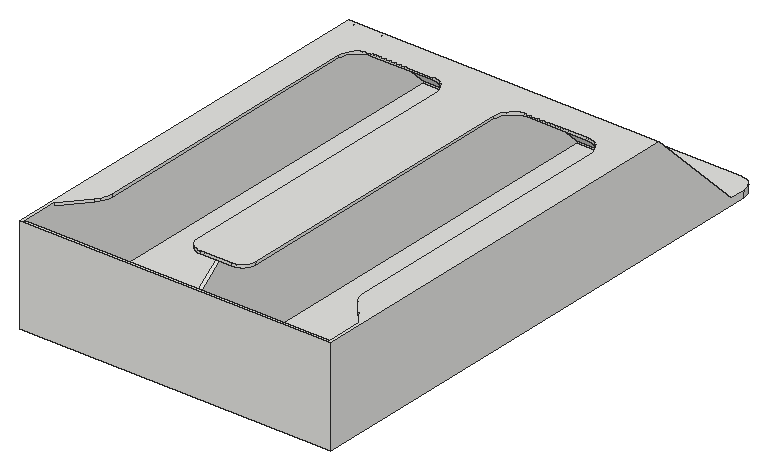
Revit family "Towel_Dispenser-Whitehall-BestCare-WH1181-2_Series", category Specialty Equipment, host Face, Revit 2018
Family settings
  Host = Face
  Round Connector Dimension = Use Diameter
  Part Type = Normal
  OmniClass Number = 23.40.20.21.17
  OmniClass Title = Paper Towel Dispensers, Disposal Units
  Cut with Voids When Loaded = No
  Shared = Yes
  Room Calculation Point = No
Parameters (values of type "WH1181-2")
  Width = 2 1/2"  # constant formula
  URL = "https://www.whitehallmfg.com/home"
  Type Comments = "10-1/4\" x 3-5/8\" Folded Sheets"
  Product Page URL = "https://www.whitehallmfg.com/product.aspx?ProductId=1053"
  Product Documentation Link = "https://www.whitehallmfg.com/uploads/fileLibrary/WH1181.pdf"
  Price = "Prices may vary. Please consult Manufacturer Representative for most up-to-date price list."  # constant formula
  Model = "WH1181-2"
  Material = "Stainless Steel-Whitehall-White"
  Manufacturer = "Whitehall Mfg."  # constant formula
  Length = 8"  # constant formula
  Installation Type = "Wall Mounted"
  Height = 13 3/4"  # constant formula
  Finish = Stainless Steel-Whitehall-White
  Description = "BestCare® Ligature-Resistant C-Fold Paper Towel Dispenser"
  Default Elevation = 0"
  Creation Date = "02/10/2022"  # constant formula
  Assembly Code = "C1030200"
  ADA Compliant = yes
Types (3): name | Model | Material | Finish
  (no name) | "WH1181-2" | "Stainless Steel-Whitehall-White" | Stainless Steel-Whitehall-White
  WH1181-2 | "WH1181-2" | "Stainless Steel-Whitehall-White" | Stainless Steel-Whitehall-White
  WH1181-2-SS | "WH1181-2-SS" | "Metal-Whitehall-Stainless Steel" | Metal-Whitehall-Stainless Steel
Reference planes (in)
  plane 1 "Center (Front/Back)": y = 0
  plane 2: z = 0
  plane 3 "Center (Left/Right)": x = 0
  plane 4: x = -4
  plane 5: x = 4
  plane 6: y = 13.75
  plane 7: z = 2.5
Forms (in)
  Extrusion 1, solid, material "Stainless Steel-Whitehall-White" <- "Finish"
    sketch origin (-2.74946, 26.3125, 0) x (0, 0, 1) y (1, 0, 0)
      loop
        line (2.5, 6.74946) -> (0, 6.74946) -> (0, -1.25054) -> (2.5, -1.25054) -> (2.5, 6.74946)
      loop
        line (2.4375, 6.68696) -> (0.0625, 6.68696) -> (0.0625, -1.18804) -> (2.4375, -1.18804) -> (2.4375, 6.68696)
    from -26.3125 to -12.5625
  Extrusion 2, solid, material "Stainless Steel-Whitehall-White" <- "Finish"
    sketch origin (4, 25.65625, 2.25) x (0, 0, 1) y (0, -1, 0)
      loop
        line (-2.25, 12.5625) -> (0.25, 15.0625) -> (0.25, 15.15089) -> (-2.25, 12.65089) -> (-2.25, 12.5625)
    from -8 to 0
  Extrusion 3, void
    sketch origin (4, 26.3125, 0) x (0, 0, -1) y (0, -1, 0)
      loop
        line (0.65625, 12.5625) -> (-2.5, 15.71875) -> (-2.5, 12.5625) -> (0.65625, 12.5625)
    from 0 to 8
  Extrusion 4, solid, material "Stainless Steel-Whitehall-White" <- "Finish"
    sketch origin (0, 0, 0) x (1, 0, 0) y (0, 1, 0)
      loop
        line (-4, 0) -> (4, 0) -> (4, 0.0625) -> (-4, 0.0625) -> (-4, 0)
    from 0 to 2.5
  Extrusion 5, solid, material "Stainless Steel-Whitehall-White" <- "Finish"
    sketch origin (0, 0.99219, 0) x (1, 0, 0) y (0, 1, 0)
      loop
        arc (-3.56981, 12.75781) -> (-3.874, 12.63181) -> (-4, 12.32762) r 0.43019
        line (-4, 12.32762) -> (-4, 11.90165) -> (4, 11.90165) -> (4, 12.34256)
        arc (4, 12.34256) -> (3.87838, 12.63619) -> (3.58475, 12.75781) r 0.41525
        line (3.58475, 12.75781) -> (-3.56981, 12.75781)
    from 0 to 0.16585
  Extrusion 6, void
    sketch origin (0, 0, 0) x (1, 0, 0) y (0, 1, 0)
      loop
        line (0.40112, 1.3125) -> (-0.40112, 1.3125)
        arc (-0.40112, 1.3125) -> (-0.64782, 1.41468) -> (-0.75, 1.66138) r 0.34888
        line (-0.75, 1.66138) -> (-0.75, 9.3125)
        arc (-0.75, 9.3125) -> (-0.89645, 9.66605) -> (-1.25, 9.8125) r 0.5
        line (-1.25, 9.8125) -> (-2.75, 9.8125)
        arc (-2.75, 9.8125) -> (-3.10355, 9.66605) -> (-3.25, 9.3125) r 0.5
        line (-3.25, 9.3125) -> (-3.25, 2.03388)
        arc (-3.25, 2.03388) -> (-3.28668, 1.82585) -> (-3.3923, 1.64292) r 0.60823
        line (-3.3923, 1.64292) -> (-3.9375, 0.99317) -> (-3.9375, 0.0625) -> (3.9375, 0.0625) -> (3.9375, 0.99317) -> (3.3923, 1.64292)
        arc (3.3923, 1.64292) -> (3.28668, 1.82585) -> (3.25, 2.03388) r 0.60823
        line (3.25, 2.03388) -> (3.25, 9.3125)
        arc (3.25, 9.3125) -> (3.10355, 9.66605) -> (2.75, 9.8125) r 0.5
        line (2.75, 9.8125) -> (1.25, 9.8125)
        arc (1.25, 9.8125) -> (0.89645, 9.66605) -> (0.75, 9.3125) r 0.5
        line (0.75, 9.3125) -> (0.75, 1.66138)
        arc (0.75, 1.66138) -> (0.64782, 1.41468) -> (0.40112, 1.3125) r 0.34888
    from 1.81638 to 3.19069
  Extrusion 7, solid, material "Stainless Steel-Whitehall-White" <- "Finish"
    sketch origin (4, 25.625, 2.25) x (0, 0, 1) y (0, -1, 0)
      loop
        line (-2.25, 25.40625) -> (-2.25, 12.5625) -> (0.25, 15.0625) -> (0.25, 24.09375) -> (-0.75, 25.40625) -> (-2.25, 25.40625)
    from -4.05023 to -3.95305
Cuts and joins
  Extrusion 3, Extrusion 6 cuts Extrusion 1
  Extrusion 3, Extrusion 6 cuts Extrusion 2
  Extrusion 6 cuts Extrusion 4
  Extrusion 6 cuts Extrusion 5
  joined: Extrusion 1, Extrusion 2, Extrusion 4, Extrusion 5, Extrusion 7
Lines and regions (in)
  Masking region 1
    outline origin (-2.74946, 26.3125, 0) x (0, 0, 1) y (1, 0, 0)
      loop
        line (2.5, 6.74946) -> (0, 6.74946) -> (0, -1.25054) -> (2.5, -1.25054) -> (2.5, 6.74946)
  symbolic lines, detail levels medium+fine
    curve 1: line (4, 26.3125, 0.16585) -> (-4, 26.3125, 0.16585)
Dimensions and locks (in)
  equal spacing: plane 4, plane 3 "Center (Left/Right)", plane 5
  plane 4 to plane 5 = 8"
  "Height": plane 6 to plane 1 "Center (Front/Back)"
  plane 7 to plane 2 = 2 1/2"
  aligned and locked: plane 2 to host face
  aligned and locked: level to host face
  aligned and locked: Extrusion 1 sketch curve to plane 7
  aligned and locked: plane 5 to Extrusion 1 sketch curve
  aligned and locked: level to Extrusion 1 sketch curve
  aligned and locked: plane 4 to Extrusion 1 sketch curve
  aligned and locked: plane 1 "Center (Front/Back)" to Extrusion 1
  aligned and locked: plane 6 to Extrusion 1
  aligned and locked: Extrusion 2 to plane 4
  aligned and locked: Extrusion 2 to plane 5
  aligned and locked: Extrusion 3 to plane 4
  aligned and locked: Extrusion 3 to plane 5
  aligned and locked: plane 1 "Center (Front/Back)" to Extrusion 4 sketch curve
  aligned and locked: Extrusion 4 sketch curve to plane 5
  aligned and locked: Extrusion 4 sketch curve to plane 4
  aligned and locked: plane 7 to Extrusion 4
  aligned and locked: Extrusion 4 to level
  aligned and locked: plane 5 to Extrusion 5 sketch curve
  aligned and locked: plane 4 to Extrusion 5 sketch curve
  aligned and locked: plane 6 to Extrusion 5
  aligned and locked: Masking region 1 sketch curve to cut or joined group of Extrusion 1, Extrusion 2, Extrusion 3, Extrusion 4, Extrusion 5, Extrusion 6, Extrusion 7  (x4)
Automatic sketch dimensions
  host sketch curve to host sketch curve = 96"  (x2)
  level to Extrusion 1 sketch curve = 1/16"
  plane 5 to Extrusion 1 sketch curve = 1/16"
  plane 4 to Extrusion 1 sketch curve = 1/16"
  Extrusion 1 sketch curve to plane 7 = 1/16"
  Extrusion 2 sketch curve to Extrusion 2 sketch curve = 0.08839"
  Extrusion 2 sketch curve to level = 0"
  Extrusion 2 sketch curve to plane 7 = 0"
  Extrusion 2 sketch curve to plane 6 = 21/32"
  Extrusion 2 sketch curve to plane 6 = 0.74464"
  Extrusion 2 sketch curve to plane 6 = 3 5/32"
  Extrusion 3 sketch curve to Extrusion 1 = 0"  (x2)
  Extrusion 3 sketch curve to Extrusion 1 = 21/32"
  Extrusion 3 sketch curve to Extrusion 1 = 3 5/32"
  Extrusion 4 sketch curve to Extrusion 4 sketch curve = 1/16"
  plane 3 "Center (Left/Right)" to Extrusion 6 sketch curve = 0.40112"
  Extrusion 6 sketch curve to Extrusion 6 sketch curve = 0.80224"
  Extrusion 6 sketch curve to plane 3 "Center (Left/Right)" = 3/4"
  Extrusion 6 sketch curve to Extrusion 6 sketch curve = 1/2"  (x3)
  plane 4 to Extrusion 6 sketch curve = 1 1/4"
  plane 4 to Extrusion 6 sketch curve = 3/4"
  Extrusion 6 sketch curve to Extrusion 6 sketch curve = 0.1423"  (x2)
  plane 4 to Extrusion 6 sketch curve = 0.14177"
  plane 4 to Extrusion 6 sketch curve = 1/16"
  plane 5 to Extrusion 6 sketch curve = 1 1/4"
  plane 5 to Extrusion 6 sketch curve = 0.14177"
  plane 5 to Extrusion 6 sketch curve = 1/16"
  Extrusion 6 sketch curve to plane 1 "Center (Front/Back)" = 0.99317"
  Extrusion 6 sketch curve to Extrusion 6 sketch curve = 0.93067"
  Extrusion 6 sketch curve to Extrusion 6 sketch curve = 0.64975"  (x2)
  Extrusion 6 sketch curve to Extrusion 6 sketch curve = 0.34888"
  Extrusion 6 sketch curve to plane 6 = 4 7/16"
  Extrusion 6 sketch curve to Extrusion 6 sketch curve = 0"
  Extrusion 6 sketch curve to plane 1 "Center (Front/Back)" = 1/16"
  Extrusion 6 sketch curve to plane 1 "Center (Front/Back)" = 1 5/16"
  Extrusion 7 sketch curve to Extrusion 2 = 0"  (x2)
  Extrusion 7 sketch curve to Extrusion 2 = 0.0221"  (x2)
  Extrusion 7 sketch curve to Extrusion 2 = 1"
  Extrusion 7 sketch curve to Extrusion 7 sketch curve = 10 11/32"
  Extrusion 7 sketch curve to Extrusion 7 sketch curve = 1 5/16"
  Extrusion 5 sketch curve to plane 6 = 0"
  Extrusion 5 sketch curve to Extrusion 5 sketch curve = 0.43019"
  Extrusion 5 sketch curve to Extrusion 5 sketch curve = 0.41525"
  Extrusion 5 sketch curve to Extrusion 5 sketch curve = 0.44091"
  curve 1 to plane 4 = 0"
  plane 5 to curve 1 = 0"
  level to curve 1 = 0.16585"
